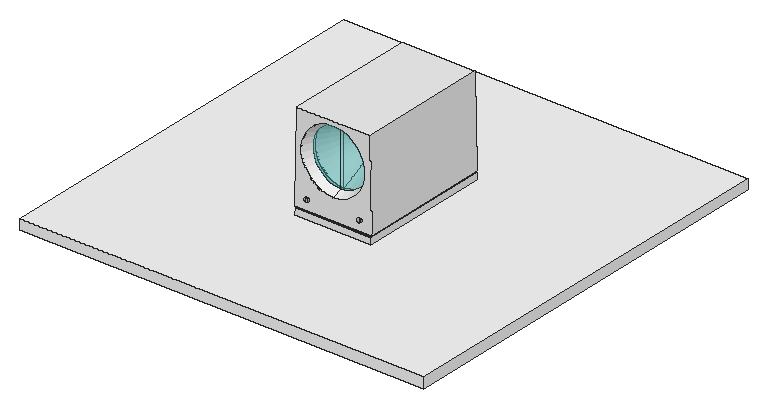
Revit family "BE_33579_de_DE", category Leuchten, Revit 2020
Family settings
  Basisbauteil = Fläche
  Bemaßung runder Anschluss = Durchmesser verwenden
  Teiletyp = Normal
  Beim Laden mit Abzugskörper schneiden = Ja
  Lichtquelle = Ja
  Gemeinsam genutzt = Nein
  Raumberechnungspunkt = Ja
Parameters (values of type "BEGA_33579_Weiß_K4")
  built-in parameter 1150104 = 15.158 (stored number, unit not read)
  Wattage = 1.9 W
  Default Elevation = 0 mm
  built-in parameter 1150113 = 1 (stored number, unit not read)
  built-in parameter 1114218 = 1 (stored number, unit not read)
  Umgebungstemperatur = "25 °C"
  URL = "https://www.bega.com/de/produkt/33579"
  Typenkommentare = "© 2022 BEGA. Wir behalten uns das Recht vor, technische Änderungen ohne vorherige Ankündigung vorzunehmen."  # constant formula
  Type Image = 33579.png
  built-in parameter 1150134 = 12
  built-in parameter 1150109 = 1 (stored number, unit not read)
  Strom = ""
  built-in parameter 1150110 = 1 (stored number, unit not read)
  Spannung = 239.996 V
  Sonderanfertigung = no
  Seriennummer [instance] = "Hier können Sie die eindeutige Seriennummer für das Facility Management eintragen."
  Schutzklasse = "I"
  Schutzart = "IP 64"
  Scheinlast = 0 VA
  Produktdatenblatt = "https://cdn.bega.com/bega/products/33579AK3/current/documents/data-sheets/de"
  Oberflächentemperatur = ""
  Neigungswinkel = 0.00°
  Modell = "33579WK4"
  Material_17 = BEGA_Reflektor
  Material_15 = BEGA_Leuchtmedium_matt
  Material_11 = BEGA_Glas_opal
  Material_09 = BEGA_Glas_klar
  Material_06 = BEGA_Oberfläche_Edelstahl_gebürstet
  Material_03 = BEGA_Oberfläche_Weiss_matt
  Material_02 = BEGA_Oberfläche_Silber_matt
  Material_01 [instance] = BEGA_Oberfläche_Grafit_matt
  M_W = yes
  M_G = no
  M_A = no
  Logo = 0
  built-in parameter 1114217 = 1 (stored number, unit not read)
  built-in parameter 1150139 = (empty or 0)
  built-in parameter 1150105 = 24.669 (stored number, unit not read)
  built-in parameter 1150114 = 1 (stored number, unit not read)
  Lumens = 310.004 lm
  built-in parameter 1150115 = 1 (stored number, unit not read)
  Leuchtenlichtstrom = "167 lm"
  Leuchtenanzahl = ""
  Lebensdauerkriterien = "L70B50 @ 25 °C = 200000 h"
  Lastklassifizierung = Beleuchtung
  built-in parameter 1150112 = 1 (stored number, unit not read)
  Lampenlichtstrom = "310 lm"
  Lampe = "LED 1.9 W"
  LED_Modulbezeichnung = "LED-0684/840"
  built-in parameter 1150142 = (empty or 0)
  Hersteller = "BEGA"  # constant formula
  Halbstreuwinkel = ""
  Gewicht = "0.7 kg"
  Gebrauchslageneinschränkung [instance] = ""
  Frequenz = "0/50-60 Hz"
  Farbwiedergabeindex = "CRI > 80"
  Farbtemperaturverschiebung bei Dämpfen der Lampe = <Keine Auswahl>
  Farbtemperatur = "4000 K"
  Color Filter = 16777215
  built-in parameter 1150133 = 10 (stored number, unit not read)
  Energieeffizienzklasse = "LED A++ - A"
  built-in parameter 1150137 = (empty or 0)
  built-in parameter 1150132 = (empty or 0)
  ENEC = "ja"
  Dimmbar [instance] = ""
  Datei für fotometrisches Netz = "BE_33579K4.IES"
  CE_Konformität = "ja"
  Bestellnummer = "33579WK4"
  Beschreibung_Sonderanfertigung = "Hier können Sie Informationen zur Sonderanfertigung eintragen."
  Beschreibung = "Wandleuchte"
  built-in parameter 1150106 = 0.24669 (stored number, unit not read)
  Befestigungsbohrung = "Ø 4,3 mm"
  Befestigungsabstand = "50 mm"
  Ballwurfsicher = ""
  BEGA_Intern_aus = yes
  BEGA_Intern_an = yes
  BEGA_Intern_Konstruktion = yes
  BEGA_Intern = yes
  BEGA_IES = yes
  BEGA_Dummy = no
  Anschlussleitung = ""
  Anschlussleistung [instance] = "2.9 W"
  built-in parameter 1150107 = 4000 (stored number, unit not read)
  built-in parameter 1150102 = (empty or 0)
  built-in parameter 1150138 = (empty or 0)
  Aktualisierung = "2022-05-18T04:00:07"
  Abstand_zur_angestrahlten_Fläche [instance] = ""
  AC/DC = "AC/DC"
Types (6, lengths in mm): name | built-in parameter 1150104 | built-in parameter 1150134 | Modell | M_W | M_G | M_A | built-in parameter 1150105 | Lumens | Leuchtenlichtstrom | Lampenlichtstrom | LED_Modulbezeichnung | Farbtemperatur | Datei für fotometrisches Netz | Bestellnummer | built-in parameter 1150106 | built-in parameter 1150107
  BEGA_33579_Silber_K3 | 14.424 (stored number, unit not read) | (empty or 0) | "33579AK3" | no | no | yes | 23.475 (stored number, unit not read) | 294.994 lm | "157 lm" | "295 lm" | "LED-0684/830" | "3000 K" | "BE_33579K3.IES" | "33579AK3" | 0.23475 (stored number, unit not read) | 3000 (stored number, unit not read)
  BEGA_33579_Silber_K4 | 15.158 (stored number, unit not read) | 12 | "33579AK4" | no | no | yes | 24.669 (stored number, unit not read) | 310.004 lm | "167 lm" | "310 lm" | "LED-0684/840" | "4000 K" | "BE_33579K4.IES" | "33579AK4" | 0.24669 (stored number, unit not read) | 4000 (stored number, unit not read)
  BEGA_33579_Grafit_K3 | 14.424 (stored number, unit not read) | (empty or 0) | "33579K3" | no | yes | no | 23.475 (stored number, unit not read) | 294.994 lm | "157 lm" | "295 lm" | "LED-0684/830" | "3000 K" | "BE_33579K3.IES" | "33579K3" | 0.23475 (stored number, unit not read) | 3000 (stored number, unit not read)
  BEGA_33579_Weiß_K3 | 14.424 (stored number, unit not read) | (empty or 0) | "33579WK3" | yes | no | no | 23.475 (stored number, unit not read) | 294.994 lm | "157 lm" | "295 lm" | "LED-0684/830" | "3000 K" | "BE_33579K3.IES" | "33579WK3" | 0.23475 (stored number, unit not read) | 3000 (stored number, unit not read)
  BEGA_33579_Weiß_K4 | 15.158 (stored number, unit not read) | 12 | "33579WK4" | yes | no | no | 24.669 (stored number, unit not read) | 310.004 lm | "167 lm" | "310 lm" | "LED-0684/840" | "4000 K" | "BE_33579K4.IES" | "33579WK4" | 0.24669 (stored number, unit not read) | 4000 (stored number, unit not read)
  BEGA_33579_Grafit_K4 | 15.158 (stored number, unit not read) | 12 | "33579K4" | no | yes | no | 24.669 (stored number, unit not read) | 310.004 lm | "167 lm" | "310 lm" | "LED-0684/840" | "4000 K" | "BE_33579K4.IES" | "33579K4" | 0.24669 (stored number, unit not read) | 4000 (stored number, unit not read)
Reference planes
  plane 1 "Mitte (Vorne/Hinten)": y = 0
  plane 2: z = 0
  plane 3 "Mitte (Links/Rechts)": x = 0
  plane 4 "Links": x = -37.662
  plane 5 "Rechts": x = 37.662
  plane 6 "Unten": y = -62.662
  plane 7 "Oben": y = 67.662
  plane 8 "Vorne": z = 96
  plane 9 "Hinten": z = 0
Forms (mm)
  Extrusion 1, solid, material "BEGA_Platte_Weiss"
    sketch origin (0, -1119.2, 0) x (1, 0, 0) y (0, 1, 0)
      loop
        line (-200, 1319.2) -> (-200, 919.2) -> (200, 919.2) -> (200, 1319.2) -> (-200, 1319.2)
    from 0 to -10
  Extrusion 2, solid, material "BEGA_Dummy_matt", visible <- "BEGA_Dummy"
    sketch origin (80.095, -76.023, 0) x (1, 0, 0) y (0, 1, 0)
      loop
        line (-117.758, 143.685) -> (-117.758, 13.523) -> (-42.433, 13.523) -> (-42.433, 143.685) -> (-117.758, 143.685)
    from 0 to 96
Dimensions and locks
  plane 1 "Mitte (Vorne/Hinten)" to Extrusion 1 = 200 mm
  aligned and locked: plane 2 to Extrusion 1
  aligned and locked: level to Extrusion 1
Nested families
  nested 1: "BE_33579" at (0, 0, 0) x (0, -1, 0) z (0, 0, 1), type "BE_33579"
Connectors
  electrical at (0, 0, 0), driven by "Lastklassifizierung", driven by "Spannung", driven by "Scheinlast"
    settings: index 1, voltage 239.996 V, apparent load 0 VA, apparent load phase1 0 VA, apparent load phase2 0 VA, apparent load phase3 0 VA, power factor 1, load classification "Beleuchtung", number of poles 1, system type 31, power factor state 1, is connector primary yes, connector utility no, sub classification motor no, connector description ""
Definition of nested family "BE_33579"
  Parameters (values of type "BE_33579")
    Default Elevation = 1 mm
    URL = "http://www.bega.de/de/produkt"
    Type Comments = "© 2015 BEGA. Wir behalten uns das Recht vor, technische Änderungen ohne vorherige Ankündigung vorzunehmen. "  # constant formula
    Type Image = (empty or 0)
    Material_17 = none
    Material_15 = none
    Material_11 = none
    Material_09 = none
    Material_06 = none
    Material_03 = none
    Material_02 = none
    Material_01 = none
    M_W = yes
    M_G = yes
    M_A = yes
    Länge_Platte = 200 mm  # constant formula
    Höhe_Platte = -10 mm  # constant formula
    Manufacturer = "BEGA"  # constant formula
    Breite_Platte = 200 mm  # constant formula
  Reference planes
    plane 1 "Mitte (Oben/Unten)": y = 0
    plane 2: z = 0
    plane 3 "Mitte (Links/Rechts)": x = 0
    plane 4 "Vorne": z = 96
    plane 5 "Links": x = -67.662
    plane 6 "Oben": y = 37.662
    plane 7 "Unten": y = -37.662
    plane 8: x = 62.662
  Forms (mm)
    Extrusion 1, solid, detail levels medium
      sketch origin (0, 0, 0) x (1, 0, 0) y (0, 1, 0)
        loop
          line (-100, 100) -> (-100, -100) -> (100, -100) -> (100, 100) -> (-100, 100)
      from 0 to -10 <- "Höhe_Platte"
    Extrusion 2, solid, material <- "Material_01", visible <- "M_G", detail levels medium+fine
      sketch origin (0, 0, 0) x (1, 0, 0) y (0, 0, 1)
        loop
          line (-67.5, 96) -> (-67.5, 8) -> (-59.266, 8) -> (-59.266, 93.7) -> (53.573, 93.7) -> (53.573, 8) -> (62.5, 8) -> (62.5, 96) -> (-67.5, 96)
      from -37.662 to 37.662
    Extrusion 3, solid, material <- "Material_01", visible <- "M_G", detail levels medium+fine
      sketch origin (0, 0, 0) x (0, 1, 0) y (0, 0, 1)
        loop
          line (-37.662, 96) -> (-37.662, 8) -> (-34.581, 8) -> (-34.581, 96) -> (-37.662, 96)
        loop
          line (37.662, 96) -> (34.581, 96) -> (34.581, 8) -> (37.662, 8) -> (37.662, 96)
      from -67.5 to 62.5
    Sweep 4, solid, material <- "Material_01", visible <- "M_G", detail levels medium+fine
      path origin (0, 0, 0) x (1, 0, 0) y (0, 1, 0)
        loop
          line (-67.662, 37.662) -> (-67.662, -37.662) -> (62.662, -37.662) -> (62.662, 37.662) -> (-67.662, 37.662)
      profile origin (-67.662, 0, 0) x (1, 0, 0) y (0, 0, 1)
        loop
          line (0, 0) -> (6.648, 0) -> (6.962, 9) -> (30.453, 9) -> (30.453, 11.3) -> (4.31, 11.3) -> (1.01, 8) -> (1.01, 6.2) -> (0.162, 6.2) -> (0, 0)
    Extrusion 5, solid, material <- "Material_01", visible <- "M_G", detail levels medium+fine
      sketch origin (0, 0, 0) x (1, 0, 0) y (0, 1, 0)
        loop
          line (32.209, -7.209) -> (32.209, 7.209) -> (-37.209, 7.209) -> (-37.209, -7.209) -> (32.209, -7.209)
      from 9 to 11.3
    Revolve 6, void
      sketch origin (0, 0, 0) x (1, 0, 0) y (0, 0, 1)
        loop
          line (53.376, 87.9) -> (53.376, 60.141) -> (63.376, 60.141) -> (63.376, 92.352) -> (53.376, 87.9)
        axis (53.376, 60.141) -> (63.376, 60.141)
      angle from 0 to 360
    Revolve 7, solid, material <- "Material_06", detail levels fine
      sketch origin (0, -26, 0) x (1, 0, 0) y (0, 0, 1)
        loop
          line (63.4, 19.799) -> (51.161, 19.799) -> (49.161, 17.799) -> (63.4, 17.799) -> (63.4, 19.799)
        axis (49.161, 17.799) -> (63.4, 17.799)
      angle from 0 to 360
    Revolve 8, solid, material <- "Material_06", detail levels fine
      sketch origin (0, 26, 0) x (1, 0, 0) y (0, 0, -1)
        loop
          line (63.4, -19.799) -> (63.4, -17.799) -> (49.161, -17.799) -> (51.161, -19.799) -> (63.4, -19.799)
        axis (49.161, -17.799) -> (63.4, -17.799)
      angle from 0 to 360
    Revolve 9, solid, material <- "Material_17", detail levels medium+fine
      sketch origin (-9.918, 0, 0) x (-1, 0, 0) y (0, 0, 1)
        loop
          arc (-59.266, 88.278) -> (-43.405, 81.141) -> (-29.667, 70.475) r 73.453
          line (-29.667, 70.475) -> (-29.289, 65.072) -> (-28.495, 65.072) -> (-28.916, 71.095)
          arc (-28.916, 71.095) -> (-42.623, 81.743) -> (-58.445, 88.877) r 73.453
          line (-58.445, 88.877) -> (-58.445, 93.497) -> (-59.266, 93.497) -> (-59.266, 88.278)
        axis (-59.266, 59.9) -> (-28.495, 59.9)
      angle from 0 to 360
    Revolve 10, solid, material <- "Material_09", detail levels medium+fine
      sketch origin (0, 0, 0) x (1, 0, 0) y (0, 0, 1)
        loop
          line (53.284, 93.17) -> (49.348, 93.17) -> (49.348, 60.141) -> (53.284, 60.141) -> (53.284, 93.17)
        axis (49.348, 60.141) -> (53.284, 60.141)
      angle from 0 to 360
    Extrusion 11, void
      sketch origin (0, 0, 0) x (0, 1, 0) y (0, 0, 1)
        loop
          line (-31, 79.546) -> (-34.049, 79.546) -> (-34.049, 41) -> (-31, 41) -> (-31, 79.546)
      from 49.348 to 56.488
    Extrusion 12, void
      sketch origin (0, 0, 0) x (0, -1, 0) y (0, 0, -1)
        loop
          line (-31, -79.546) -> (-31, -41) -> (-34.049, -41) -> (-34.049, -79.546) -> (-31, -79.546)
      from 49.348 to 56.488
    Revolve 13, solid, material <- "Material_15", detail levels medium+fine
      sketch origin (0, 0, -0.132) x (1, 0, 0) y (0, 0, 1)
        loop
          line (16, 63.926) -> (15.185, 63.926) -> (15.185, 60.273) -> (16, 60.273) -> (16, 63.926)
        axis (15.185, 60.273) -> (16.185, 60.273)
      angle from 0 to 360
    Sweep 14, solid, material <- "Material_02", visible <- "M_A", detail levels medium+fine
      path origin (0, 0, 0) x (1, 0, 0) y (0, 1, 0)
        loop
          line (-67.662, 37.662) -> (-67.662, -37.662) -> (62.662, -37.662) -> (62.662, 37.662) -> (-67.662, 37.662)
      profile origin (-67.662, 0, 0) x (1, 0, 0) y (0, 0, 1)
        loop
          line (0, 0) -> (6.648, 0) -> (6.962, 9) -> (30.453, 9) -> (30.453, 11.3) -> (4.31, 11.3) -> (1.01, 8) -> (1.01, 6.2) -> (0.162, 6.2) -> (0, 0)
    Extrusion 15, solid, material <- "Material_02", visible <- "M_A", detail levels medium+fine
      sketch origin (0, 0, 0) x (1, 0, 0) y (0, 1, 0)
        loop
          line (32.209, -7.209) -> (32.209, 7.209) -> (-37.209, 7.209) -> (-37.209, -7.209) -> (32.209, -7.209)
      from 9 to 11.3
    Sweep 16, solid, material <- "Material_03", visible <- "M_W", detail levels medium+fine
      path origin (0, 0, 0) x (1, 0, 0) y (0, 1, 0)
        loop
          line (-67.662, 37.662) -> (-67.662, -37.662) -> (62.662, -37.662) -> (62.662, 37.662) -> (-67.662, 37.662)
      profile origin (-67.662, 0, 0) x (1, 0, 0) y (0, 0, 1)
        loop
          line (0, 0) -> (6.648, 0) -> (6.962, 9) -> (30.453, 9) -> (30.453, 11.3) -> (4.31, 11.3) -> (1.01, 8) -> (1.01, 6.2) -> (0.162, 6.2) -> (0, 0)
    Extrusion 17, solid, material <- "Material_03", visible <- "M_W", detail levels medium+fine
      sketch origin (0, 0, 0) x (1, 0, 0) y (0, 1, 0)
        loop
          line (32.209, -7.209) -> (32.209, 7.209) -> (-37.209, 7.209) -> (-37.209, -7.209) -> (32.209, -7.209)
      from 9 to 11.3
    Extrusion 18, solid, material <- "Material_02", visible <- "M_A", detail levels medium+fine
      sketch origin (0, 0, 0) x (1, 0, 0) y (0, 0, 1)
        loop
          line (-67.5, 96) -> (-67.5, 8) -> (-59.266, 8) -> (-59.266, 93.7) -> (53.573, 93.7) -> (53.573, 8) -> (62.5, 8) -> (62.5, 96) -> (-67.5, 96)
      from -37.662 to 37.662
    Extrusion 19, solid, material <- "Material_02", visible <- "M_A", detail levels medium+fine
      sketch origin (0, 0, 0) x (0, 1, 0) y (0, 0, 1)
        loop
          line (-37.662, 96) -> (-37.662, 8) -> (-34.581, 8) -> (-34.581, 96) -> (-37.662, 96)
        loop
          line (37.662, 96) -> (34.581, 96) -> (34.581, 8) -> (37.662, 8) -> (37.662, 96)
      from -67.5 to 62.5
    Extrusion 20, solid, material <- "Material_03", visible <- "M_W", detail levels medium+fine
      sketch origin (0, 0, 0) x (1, 0, 0) y (0, 0, 1)
        loop
          line (-67.5, 96) -> (-67.5, 8) -> (-59.266, 8) -> (-59.266, 93.7) -> (53.573, 93.7) -> (53.573, 8) -> (62.5, 8) -> (62.5, 96) -> (-67.5, 96)
      from -37.662 to 37.662
    Extrusion 21, solid, material <- "Material_03", visible <- "M_W", detail levels medium+fine
      sketch origin (0, 0, 0) x (0, 1, 0) y (0, 0, 1)
        loop
          line (-37.662, 96) -> (-37.662, 8) -> (-34.581, 8) -> (-34.581, 96) -> (-37.662, 96)
        loop
          line (37.662, 96) -> (34.581, 96) -> (34.581, 8) -> (37.662, 8) -> (37.662, 96)
      from -67.5 to 62.5
    Extrusion 22, void
      sketch origin (0, 0, 0) x (1, 0, 0) y (0, 1, 0)
        loop
          circle (0, 25) r 2.156
        loop
          circle (0, -25) r 2.156
        loop
          circle (-47, 18.5) r 8.5
        loop
          circle (-47, -18.5) r 8.5
      from 0 to 12.405
    Extrusion 23, void
      sketch origin (0, 0, 0) x (0, 1, 0) y (0, 0, 1)
        loop
          line (-37.662, 8) -> (-36.071, 99.148) -> (-37.662, 99.148) -> (-37.662, 8)
      from -69.5 to 65.4
    Extrusion 24, void
      sketch origin (0, 0, 0) x (0, -1, 0) y (0, 0, -1)
        loop
          line (-37.662, -8) -> (-37.662, -99.148) -> (-36.071, -99.148) -> (-37.662, -8)
      from -69.5 to 65.4
  Cuts and joins
    Revolve 6, Extrusion 11, Extrusion 12, Extrusion 22, Extrusion 23, Extrusion 24 cuts Extrusion 2
    Revolve 6, Extrusion 11, Extrusion 12, Extrusion 22, Extrusion 23, Extrusion 24 cuts Extrusion 3
    joined: Extrusion 2, Extrusion 3
    Extrusion 22 cuts Sweep 4
    Extrusion 22 cuts Extrusion 5
    joined: Sweep 4, Extrusion 5
    Extrusion 11, Extrusion 12 cuts Revolve 9
    Extrusion 11, Extrusion 12 cuts Revolve 10
    Extrusion 22 cuts Sweep 14
    Extrusion 22 cuts Extrusion 15
    joined: Sweep 14, Extrusion 15
    Extrusion 22 cuts Sweep 16
    Extrusion 22 cuts Extrusion 17
    joined: Sweep 16, Extrusion 17
    Revolve 6, Extrusion 22, Extrusion 23, Extrusion 24 cuts Extrusion 18
    Extrusion 22, Extrusion 23, Extrusion 24 cuts Extrusion 19
    joined: Extrusion 18, Extrusion 19
    Revolve 6, Extrusion 22, Extrusion 23, Extrusion 24 cuts Extrusion 20
    Extrusion 22, Extrusion 23, Extrusion 24 cuts Extrusion 21
    joined: Extrusion 20, Extrusion 21
  Dimensions and locks
    equal spacing: Extrusion 1 sketch curve, plane 3 "Mitte (Links/Rechts)", Extrusion 1 sketch curve
    equal spacing: Extrusion 1 sketch curve, plane 1 "Mitte (Oben/Unten)", Extrusion 1 sketch curve
    "Länge_Platte": Extrusion 1 sketch curve to Extrusion 1 sketch curve
    "Breite_Platte": Extrusion 1 sketch curve to Extrusion 1 sketch curve
    aligned and locked: Extrusion 1 to plane 2
    aligned and locked: level to Extrusion 1
  Automatic sketch dimensions
    plane 5 "Links" to Extrusion 2 sketch curve = 0.162 mm
    plane 5 "Links" to Extrusion 2 sketch curve = 8.396 mm
    level to Extrusion 2 sketch curve = 8 mm  (x2)
    Extrusion 2 sketch curve to Extrusion 2 sketch curve = 85.7 mm
    Extrusion 2 sketch curve to Extrusion 2 sketch curve = 2.3 mm
    plane 1 "Mitte (Oben/Unten)" to Extrusion 3 sketch curve = 37.662 mm
    Extrusion 3 sketch curve to Extrusion 3 sketch curve = 3.081 mm  (x2)
    Extrusion 3 sketch curve to plane 1 "Mitte (Oben/Unten)" = 34.581 mm
    level to Extrusion 3 sketch curve = 8 mm  (x2)
    Extrusion 3 sketch curve to Extrusion 3 sketch curve = 88 mm
    Extrusion 3 sketch curve to Extrusion 3 sketch curve = 0 mm
    Sweep 4 sketch curve to plane 5 "Links" = 0 mm
    plane 1 "Mitte (Oben/Unten)" to Sweep 4 sketch curve = 37.662 mm
    Sweep 4 sketch curve to plane 1 "Mitte (Oben/Unten)" = 37.662 mm
    Sweep 4 sketch curve to level = 0 mm
    profile plane to Sweep 4 sketch curve = 0 mm
    Sweep 4 sketch curve to profile plane = 0.162 mm
    Sweep 4 sketch curve to Sweep 4 sketch curve = 0.848 mm
    Sweep 4 sketch curve to profile plane = 4.31 mm
    Sweep 4 sketch curve to profile plane = 6.648 mm
    Sweep 4 sketch curve to Sweep 4 sketch curve = 2.652 mm
    level to Sweep 4 sketch curve = 9 mm
    Sweep 4 sketch curve to Sweep 4 sketch curve = 23.491 mm
    level to Sweep 4 sketch curve = 6.2 mm
    Sweep 4 sketch curve to Sweep 4 sketch curve = 1.8 mm
    Sweep 4 sketch curve to Sweep 4 sketch curve = 2.3 mm
    plane 1 "Mitte (Oben/Unten)" to Extrusion 5 sketch curve = 7.209 mm
    plane 5 "Links" to Extrusion 5 sketch curve = 30.453 mm
    Extrusion 5 sketch curve to plane 1 "Mitte (Oben/Unten)" = 7.209 mm
    plane 3 "Mitte (Links/Rechts)" to Extrusion 5 sketch curve = 32.209 mm
    level to Revolve 6 sketch curve = 60.141 mm
    Revolve 6 sketch curve to Revolve 6 sketch curve = 27.759 mm
    Revolve 6 sketch curve to Revolve 6 sketch curve = 4.452 mm
    Revolve 6 sketch curve to Revolve 6 sketch curve = 0 mm  (x3)
    Revolve 7 sketch curve to Revolve 7 sketch curve = 2 mm  (x2)
    level to Revolve 7 sketch curve = 17.799 mm
    Revolve 7 sketch curve to Revolve 7 sketch curve = 0 mm  (x3)
    Revolve 8 sketch curve to Revolve 8 sketch curve = 2 mm  (x2)
    level to Revolve 8 sketch curve = 19.799 mm
    Revolve 8 sketch curve to Revolve 8 sketch curve = 0 mm  (x3)
    Revolve 9 sketch curve to Revolve 9 sketch curve = 0.751 mm  (x2)
    Revolve 9 sketch curve to Revolve 9 sketch curve = 0.821 mm
    Revolve 9 sketch curve to plane 3 "Mitte (Links/Rechts)" = 19.749 mm
    Revolve 9 sketch curve to Revolve 9 sketch curve = 0.378 mm
    Revolve 9 sketch curve to Revolve 9 sketch curve = 0.794 mm
    Revolve 9 sketch curve to level = 18.197 mm
    Revolve 9 sketch curve to Revolve 9 sketch curve = 0.62 mm  (x2)
    Revolve 9 sketch curve to level = 65.072 mm
    Revolve 9 sketch curve to Revolve 9 sketch curve = 5.402 mm
    Revolve 9 sketch curve to Revolve 9 sketch curve = 4.621 mm
    Revolve 9 sketch curve to Revolve 9 sketch curve = 0.995 mm
    Revolve 9 sketch curve to Revolve 9 sketch curve = 28.378 mm
    Revolve 10 sketch curve to Revolve 10 sketch curve = 3.936 mm
    level to Revolve 10 sketch curve = 60.141 mm
    Revolve 10 sketch curve to Revolve 10 sketch curve = 33.029 mm
    Revolve 10 sketch curve to Revolve 10 sketch curve = 0 mm  (x3)
    plane 1 "Mitte (Oben/Unten)" to Extrusion 11 sketch curve = 34.049 mm
    Extrusion 11 sketch curve to Extrusion 11 sketch curve = 3.049 mm
    level to Extrusion 11 sketch curve = 41 mm
    Extrusion 11 sketch curve to Extrusion 11 sketch curve = 38.546 mm
    plane 1 "Mitte (Oben/Unten)" to Extrusion 12 sketch curve = 34.049 mm
    Extrusion 12 sketch curve to Extrusion 12 sketch curve = 3.049 mm
    Extrusion 12 sketch curve to level = 41 mm
    Extrusion 12 sketch curve to Extrusion 12 sketch curve = 38.546 mm
    plane 3 "Mitte (Links/Rechts)" to Revolve 13 sketch curve = 15.185 mm
    Revolve 13 sketch curve to Revolve 13 sketch curve = 0.815 mm
    level to Revolve 13 sketch curve = 60.141 mm
    Revolve 13 sketch curve to Revolve 13 sketch curve = 3.653 mm
    Revolve 13 sketch curve to Revolve 13 sketch curve = 0 mm  (x3)
    Sweep 14 sketch curve to plane 5 "Links" = 0 mm
    plane 1 "Mitte (Oben/Unten)" to Sweep 14 sketch curve = 37.662 mm
    Sweep 14 sketch curve to plane 1 "Mitte (Oben/Unten)" = 37.662 mm
    Sweep 14 sketch curve to level = 0 mm
    profile plane to Sweep 14 sketch curve = 0 mm
    Sweep 14 sketch curve to profile plane = 0.162 mm
    Sweep 14 sketch curve to Sweep 14 sketch curve = 0.848 mm
    Sweep 14 sketch curve to profile plane = 4.31 mm
    Sweep 14 sketch curve to profile plane = 6.648 mm
    Sweep 14 sketch curve to Sweep 14 sketch curve = 2.652 mm
    level to Sweep 14 sketch curve = 9 mm
    Sweep 14 sketch curve to Sweep 14 sketch curve = 23.491 mm
    level to Sweep 14 sketch curve = 6.2 mm
    Sweep 14 sketch curve to Sweep 14 sketch curve = 1.8 mm
    Sweep 14 sketch curve to Sweep 14 sketch curve = 2.3 mm
    plane 1 "Mitte (Oben/Unten)" to Extrusion 15 sketch curve = 7.209 mm
    plane 5 "Links" to Extrusion 15 sketch curve = 30.453 mm
    Extrusion 15 sketch curve to plane 1 "Mitte (Oben/Unten)" = 7.209 mm
    plane 3 "Mitte (Links/Rechts)" to Extrusion 15 sketch curve = 32.209 mm
    Sweep 16 sketch curve to plane 5 "Links" = 0 mm
    plane 1 "Mitte (Oben/Unten)" to Sweep 16 sketch curve = 37.662 mm
    Sweep 16 sketch curve to plane 1 "Mitte (Oben/Unten)" = 37.662 mm
    Sweep 16 sketch curve to level = 0 mm
    profile plane to Sweep 16 sketch curve = 0 mm
    Sweep 16 sketch curve to profile plane = 0.162 mm
    Sweep 16 sketch curve to Sweep 16 sketch curve = 0.848 mm
    Sweep 16 sketch curve to profile plane = 4.31 mm
    Sweep 16 sketch curve to profile plane = 6.648 mm
    Sweep 16 sketch curve to Sweep 16 sketch curve = 2.652 mm
    level to Sweep 16 sketch curve = 9 mm
    Sweep 16 sketch curve to Sweep 16 sketch curve = 23.491 mm
    level to Sweep 16 sketch curve = 6.2 mm
    Sweep 16 sketch curve to Sweep 16 sketch curve = 1.8 mm
    Sweep 16 sketch curve to Sweep 16 sketch curve = 2.3 mm
    plane 1 "Mitte (Oben/Unten)" to Extrusion 17 sketch curve = 7.209 mm
    plane 5 "Links" to Extrusion 17 sketch curve = 30.453 mm
    Extrusion 17 sketch curve to plane 1 "Mitte (Oben/Unten)" = 7.209 mm
    plane 3 "Mitte (Links/Rechts)" to Extrusion 17 sketch curve = 32.209 mm
    plane 5 "Links" to Extrusion 18 sketch curve = 0.162 mm
    plane 5 "Links" to Extrusion 18 sketch curve = 8.396 mm
    level to Extrusion 18 sketch curve = 8 mm  (x2)
    Extrusion 18 sketch curve to Extrusion 18 sketch curve = 85.7 mm
    Extrusion 18 sketch curve to Extrusion 18 sketch curve = 2.3 mm
    plane 1 "Mitte (Oben/Unten)" to Extrusion 19 sketch curve = 37.662 mm
    Extrusion 19 sketch curve to Extrusion 19 sketch curve = 3.081 mm  (x2)
    Extrusion 19 sketch curve to plane 1 "Mitte (Oben/Unten)" = 34.581 mm
    level to Extrusion 19 sketch curve = 8 mm  (x2)
    Extrusion 19 sketch curve to Extrusion 19 sketch curve = 88 mm
    Extrusion 19 sketch curve to Extrusion 19 sketch curve = 0 mm
    plane 5 "Links" to Extrusion 20 sketch curve = 0.162 mm
    plane 5 "Links" to Extrusion 20 sketch curve = 8.396 mm
    level to Extrusion 20 sketch curve = 8 mm  (x2)
    Extrusion 20 sketch curve to Extrusion 20 sketch curve = 85.7 mm
    Extrusion 20 sketch curve to Extrusion 20 sketch curve = 2.3 mm
    plane 1 "Mitte (Oben/Unten)" to Extrusion 21 sketch curve = 37.662 mm
    Extrusion 21 sketch curve to Extrusion 21 sketch curve = 3.081 mm  (x2)
    Extrusion 21 sketch curve to plane 1 "Mitte (Oben/Unten)" = 34.581 mm
    level to Extrusion 21 sketch curve = 8 mm  (x2)
    Extrusion 21 sketch curve to Extrusion 21 sketch curve = 88 mm
    Extrusion 21 sketch curve to Extrusion 21 sketch curve = 0 mm
    Extrusion 22 sketch curve to plane 3 "Mitte (Links/Rechts)" = 0 mm  (x2)
    plane 5 "Links" to Extrusion 22 sketch curve = 20.662 mm  (x2)
    plane 1 "Mitte (Oben/Unten)" to Extrusion 22 sketch curve = 25 mm
    plane 1 "Mitte (Oben/Unten)" to Extrusion 22 sketch curve = 18.5 mm
    Extrusion 22 sketch curve to plane 1 "Mitte (Oben/Unten)" = 18.5 mm
    Extrusion 22 sketch curve to plane 1 "Mitte (Oben/Unten)" = 25 mm
    plane 1 "Mitte (Oben/Unten)" to Extrusion 23 sketch curve = 37.662 mm
    Extrusion 23 sketch curve to Extrusion 23 sketch curve = 1.591 mm
    level to Extrusion 23 sketch curve = 8 mm
    Extrusion 23 sketch curve to Extrusion 23 sketch curve = 91.148 mm
    plane 1 "Mitte (Oben/Unten)" to Extrusion 24 sketch curve = 37.662 mm
    Extrusion 24 sketch curve to Extrusion 24 sketch curve = 1.591 mm
    Extrusion 24 sketch curve to level = 8 mm
    Extrusion 24 sketch curve to Extrusion 24 sketch curve = 91.148 mm
    plane 3 "Mitte (Links/Rechts)" to Extrusion 2 sketch curve = 53.573 mm
    Extrusion 2 sketch curve to Extrusion 2 sketch curve = 8.927 mm
    plane 3 "Mitte (Links/Rechts)" to Sweep 4 sketch curve = 62.662 mm
    plane 3 "Mitte (Links/Rechts)" to Revolve 6 sketch curve = 53.376 mm
    Revolve 6 sketch curve to Revolve 6 sketch curve = 10 mm
    plane 3 "Mitte (Links/Rechts)" to Revolve 7 sketch curve = 49.161 mm
    Revolve 7 sketch curve to Revolve 7 sketch curve = 12.239 mm
    plane 3 "Mitte (Links/Rechts)" to Revolve 8 sketch curve = 49.161 mm
    Revolve 8 sketch curve to Revolve 8 sketch curve = 12.239 mm
    Revolve 9 sketch curve to Revolve 9 sketch curve = 28.779 mm
    Revolve 9 sketch curve to Revolve 9 sketch curve = 53.015 mm
    Revolve 9 sketch curve to Revolve 9 sketch curve = 8.234 mm
    plane 3 "Mitte (Links/Rechts)" to Revolve 10 sketch curve = 49.348 mm
    plane 3 "Mitte (Links/Rechts)" to Sweep 14 sketch curve = 62.662 mm
    plane 3 "Mitte (Links/Rechts)" to Sweep 16 sketch curve = 62.662 mm
    plane 3 "Mitte (Links/Rechts)" to Extrusion 18 sketch curve = 53.573 mm
    Extrusion 18 sketch curve to Extrusion 18 sketch curve = 8.927 mm
    plane 3 "Mitte (Links/Rechts)" to Extrusion 20 sketch curve = 53.573 mm
    Extrusion 20 sketch curve to Extrusion 20 sketch curve = 8.927 mm
    radius of Extrusion 22 sketch curve = 2.156 mm  (x2)
    radius of Extrusion 22 sketch curve = 8.5 mm  (x2)
